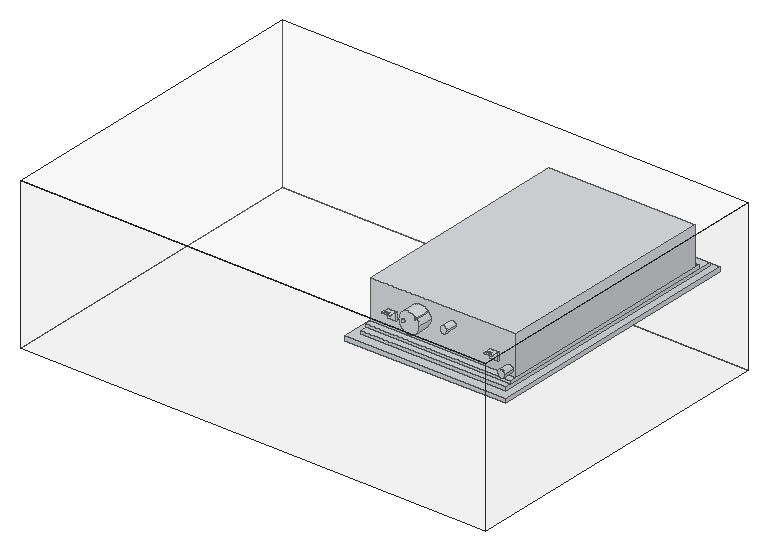
Revit family "pm-rp40_80fa21_50hz", category 機械設備, Revit 2019
Family settings
  丸型コネクタ寸法 = 直径を使用
  パーツ タイプ = 標準
  OmniClass 番号 = 23.75.10.24.21.27.27
  OmniClass タイトル = Split System Air Conditioning Units
  作業面ベース = いいえ
  常に垂直 = はい
  ロード時にボイドで切り取り = いいえ
  共有 = いいえ
  部屋計算ポイント = はい
Parameters (values of type "天井1方向_PM-HRP80FA21")
  風量_静 (㎥/min) = 14
  風量_強 (㎥/min) = 20
  風量_弱 (㎥/min) = 16
  風量_中 (㎥/min) = 18
  風量 = MAX風量  # 1200.0 m³/h
  音響パワーレベル(dB) = [音響パワーレベル_強 (dB)]  # 59
  音響パワーレベル_静 (dB) = 51
  音響パワーレベル_強 (dB) = 59
  音響パワーレベル_弱 (dB) = 53
  音響パワーレベル_中 (dB) = 55
  電源種別 = ""
  電源_H = 0 mm
  電圧 = 0 V
  電動機出力_送風機 = 0.095 kW
  運転質量 = 0.00 kg
  連動 = ""
  質量 = if(製品質量 > 運転質量, 製品質量, 運転質量) * 1.2  # 40.20 kg
  負荷分類 = 3_ファン類
  製品質量_本体 = 27.00 kg
  製品質量_パネル = 6.50 kg
  構成品番 = "PM-HRP80FA21"
  ドレン管径 (外径) = 32 mm
  ドレン管径 = 25 mm
  サービススペース = yes
  【値が 0 の項目は組合せ形名にてご確認ください】 = ""
  URL = "https://www.mitsubishielectric.co.jp/ldg/wink/ssl/top.do"
  説明 = "店舗・事務所用パッケージエアコン(Mr.SLIM) [本体]1方向天井カセット形"
  設計暖房能力 = 0.00 kW
  設計冷房能力_顕熱 = 0 kW
  設計冷房能力 = 0 kW
  設置方法 = "カセット形"
  記号 = ""
  製造元 = "三菱電機株式会社"
  製品質量 = 製品質量_本体 + 製品質量_パネル  # 33.50 kg
  製品出荷対象 = "国内"
  製品リリース年月 = ""
  製品グループ = ""
  系統 = ""
  符号 = "PAC-CK1"
  積算_科目 = "1 空気調和設備"
  積算_拾い区分 [instance] = ""
  相 = 1
  盤記号 = ""
  発停方法 = "付属スイッチ"
  特殊仕様 = ""
  火災停止 = ""
  消費電力_暖房 = 0.10 kW
  消費電力_冷房 = 0.11 kW
  消費電力 = if(消費電力_冷房 > 消費電力_暖房, 消費電力_冷房, 消費電力_暖房)  # 0.11 kW
  法定耐用年数 = "6"
  極数 = 1
  材質 = ""
  本体マテリアル = none
  有効加湿量 = 0
  暖房能力 = 8.00 kW
  推奨ブレーカー容量 = 0 A
  形式_加湿器 = ""
  形式 = "1方向天井カセット形"
  幹線記号 = ""
  始動方式 = "直入"
  呼称 = "パッケージ形空気調和機_室内機"
  周波数 = 50 Hz
  吊り位置Y = 1173 mm
  吊り位置X = 510 mm
  吊りボルト_H = 117 mm
  台数_手元リモコン = ""
  台数_冷媒分岐ユニット = ""
  参照している仕様書等のバージョン = "公共建築工事標準仕様書（機械設備工事編）平成31年度版"
  加湿給水管径 = 0 mm
  分類コード = "5.0053E+13"
  分類グループ = ""
  冷房能力 = 7.1 kW
  冷媒高低圧ガス管径 = 0 mm
  冷媒管径符号 = "Bd"
  冷媒管径 = 100 mm
  冷媒液管高さ = 171 mm
  冷媒液管長さ = 72 mm
  冷媒液管径 = 9.5 mm
  冷媒ガス管高さ = 141 mm
  冷媒ガス管長さ = 72 mm
  冷媒ガス管径 = 15.9 mm
  企業コード = "108420"
  付属品_フィルター = ""
  付属品 = ""
  仕様書バージョン = "Version1.0"
  Model = ""
  パネルマテリアル = none
  ドレン管高さ = 159 mm
  コメント [instance] = ""
  ケーブル種類 = ""
  ケーブルサイズ = 0 mm
  Width = 724 mm
  Version = ""
  Uniclass2015Version = "Systems v1.9"
  Uniclass2015Title = "Split coil remote air cooled condensing units"
  Uniclass2015Code = "Pr_70_65_03_84"
  SpecificationReference = ""
  SpecificationDescription = ""
  S_H = 230 mm
  Revision = ""
  ProductInformation = ""
  Panel Width = 800 mm
  Panel Height = 20 mm
  Panel Depth = 1340 mm
  OmniClassCode = "23-33 17 13 11"
  MIN風量 = [風量_静 (㎥/min)] * 60.0 m³/h  # 840.0 m³/h
  MID風量2 = [風量_弱 (㎥/min)] * 60.0 m³/h  # 960.0 m³/h
  MID風量 = [風量_中 (㎥/min)] * 60.0 m³/h  # 1080.0 m³/h
  MAX風量 = [風量_強 (㎥/min)] * 60.0 m³/h  # 1200.0 m³/h
  IfcTypeProduct = ""
  IfcProduct = ""
  IfcExportType = "AIRCONDITIONINGUNIT"
  IfcExportAs = "IfcUnitaryEquipmentType"
  Height = 225 mm
  Depth = 1112 mm
  価格 = 0
  Clearance Top = 230 mm
  Clearance Right = 20 mm
  Clearance Left = 1500 mm
  Clearance Front = 150 mm
  Clearance Bottom = 500 mm
  Clearance Back = 150 mm
  Author = "三菱電機株式会社"
Types (8, lengths in mm): name | 風量_静 (㎥/min) | 風量_強 (㎥/min) | 風量_弱 (㎥/min) | 風量_中 (㎥/min) | 風量 | 音響パワーレベル(dB) | 音響パワーレベル_静 (dB) | 音響パワーレベル_強 (dB) | 音響パワーレベル_弱 (dB) | 音響パワーレベル_中 (dB) | 電源_H | 電動機出力_送風機 | 質量 | 製品質量_本体 | 構成品番 | 製品質量 | 消費電力_暖房 | 消費電力_冷房 | 消費電力 | 暖房能力 | 冷房能力 | 冷媒管径符号 | 冷媒液管径 | 冷媒ガス管径 | MIN風量 | MID風量2 | MID風量 | MAX風量
  天井1方向_PM-RP40FA21 | 11 | 15 | 12 | 14 | 900.0 m³/h | 55 | 47 | 55 | 50 | 52 | 60 | 0.09 kW | 37.80 kg | 25.00 kg | "PM-RP40FA21" | 31.50 kg | 0.07 kW | 0.08 kW | 0.08 kW | 4.00 kW | 3.6 kW | "Ac" | 6.4 | 12.7 | 660.0 m³/h | 720.0 m³/h | 840.0 m³/h | 900.0 m³/h
  天井1方向_PM-RP45FA21 | 11 | 15 | 12 | 14 | 900.0 m³/h | 55 | 47 | 55 | 50 | 52 | 60 | 0.09 kW | 37.80 kg | 25.00 kg | "PM-RP45FA21" | 31.50 kg | 0.07 kW | 0.08 kW | 0.08 kW | 4.50 kW | 4 kW | "Ac" | 6.4 | 12.7 | 660.0 m³/h | 720.0 m³/h | 840.0 m³/h | 900.0 m³/h
  天井1方向_PM-RP50FA21 | 11 | 15 | 12 | 14 | 900.0 m³/h | 55 | 47 | 55 | 50 | 52 | 60 | 0.09 kW | 37.80 kg | 25.00 kg | "PM-RP50FA21" | 31.50 kg | 0.07 kW | 0.08 kW | 0.08 kW | 5.00 kW | 4.5 kW | "Ac" | 6.4 | 12.7 | 660.0 m³/h | 720.0 m³/h | 840.0 m³/h | 900.0 m³/h
  天井1方向_PM-RP56FA21 | 14 | 17 | 15 | 16 | 1020.0 m³/h | 55 | 50 | 55 | 51 | 53 | 60 | 0.095 kW | 39.00 kg | 26.00 kg | "PM-RP56FA21" | 32.50 kg | 0.07 kW | 0.08 kW | 0.08 kW | 5.60 kW | 5 kW | "Ac" | 6.4 | 12.7 | 840.0 m³/h | 900.0 m³/h | 960.0 m³/h | 1020.0 m³/h
  天井1方向_PM-RP63FA21 | 14 | 19 | 16 | 17 | 1140.0 m³/h | 56 | 50 | 56 | 52 | 54 | 60 | 0.095 kW | 39.00 kg | 26.00 kg | "PM-RP63FA21" | 32.50 kg | 0.08 kW | 0.09 kW | 0.09 kW | 6.30 kW | 5.6 kW | "Ac" | 6.4 | 12.7 | 840.0 m³/h | 960.0 m³/h | 1020.0 m³/h | 1140.0 m³/h
  天井1方向_PM-RP71FA21 | 14 | 20 | 16 | 18 | 1200.0 m³/h | 58 | 51 | 58 | 53 | 55 | 60 | 0.095 kW | 39.00 kg | 26.00 kg | "PM-RP71FA21" | 32.50 kg | 0.09 kW | 0.10 kW | 0.10 kW | 7.10 kW | 6.3 kW | "Bd" | 9.5 | 15.9 | 840.0 m³/h | 960.0 m³/h | 1080.0 m³/h | 1200.0 m³/h
  天井1方向_PM-RP80FA21 | 14 | 20 | 16 | 18 | 1200.0 m³/h | 58 | 51 | 58 | 53 | 55 | 0 | 0.095 kW | 39.00 kg | 26.00 kg | "PM-RP80FA21" | 32.50 kg | 0.09 kW | 0.10 kW | 0.10 kW | 8.00 kW | 7.1 kW | "Bd" | 9.5 | 15.9 | 840.0 m³/h | 960.0 m³/h | 1080.0 m³/h | 1200.0 m³/h
  天井1方向_PM-HRP80FA21 | 14 | 20 | 16 | 18 | 1200.0 m³/h | 59 | 51 | 59 | 53 | 55 | 0 | 0.095 kW | 40.20 kg | 27.00 kg | "PM-HRP80FA21" | 33.50 kg | 0.10 kW | 0.11 kW | 0.11 kW | 8.00 kW | 7.1 kW | "Bd" | 9.5 | 15.9 | 840.0 m³/h | 960.0 m³/h | 1080.0 m³/h | 1200.0 m³/h
Reference planes
  plane 1 "中心(正面/背面)": y = 0
  plane 2: z = 0
  plane 3 "中心(左/右)": x = 0
  plane 4: x = -400
  plane 5: x = 400
  plane 6: y = 670
  plane 7: y = -670
  plane 8: z = 225
  plane 9: z = 230
  plane 10: x = -255
  plane 11: x = 255
  plane 12: y = 586.5
  plane 13: y = -586.5
  plane 14: y = 556
  plane 15: y = -556
  plane 16: x = -362
  plane 17: x = 362
  plane 18: x = -1900
  plane 19: x = 420
  plane 20: y = 820
  plane 21: y = -820
  plane 22: z = 230
  plane 23: z = -20
  plane 24: z = -520
Dimensions and locks
  equal spacing: plane 4, plane 3 "中心(左/右)", plane 5
  plane 4 to plane 5 = 800 mm
  equal spacing: plane 7, plane 1 "中心(正面/背面)", plane 6
  plane 4 to plane 10 = 145 mm
  plane 11 to plane 5 = 145 mm
  "S_H": plane 9 to level
  "吊り位置X": plane 10 to plane 11
  equal spacing: plane 10, plane 3 "中心(左/右)", plane 11
  equal spacing: plane 13, plane 1 "中心(正面/背面)", plane 12
  "吊り位置Y": plane 13 to plane 12
  equal spacing: plane 15, plane 1 "中心(正面/背面)", plane 14
  "Depth": plane 15 to plane 14
  equal spacing: plane 16, plane 3 "中心(左/右)", plane 17
  "Width": plane 16 to plane 17
  "Clearance Left": plane 18 to plane 4
  "Clearance Right": plane 5 to plane 19
  "Clearance Back": plane 6 to plane 20
  "Clearance Front": plane 21 to plane 7
  locked: level to plane 23 at 20
  "Clearance Bottom": plane 23 to plane 24
  "Clearance Top": plane 22 to level
  plane 12 to plane 6 = 83.5 mm
  plane 7 to plane 13 = 83.5 mm
  plane 7 to plane 6 = 1340 mm
  "Height": plane 8 to level
  aligned and locked: level to plane 2
  aligned and locked: plane 10 to nested 2
  aligned and locked: plane 11 to nested 2
  aligned and locked: nested 2 to plane 12
  aligned and locked: plane 13 to nested 2
  aligned and locked: plane 18 to nested 1
  aligned and locked: plane 19 to nested 1
  aligned and locked: nested 1 to plane 21
  aligned and locked: nested 1 to plane 20
  aligned and locked: plane 22 to nested 1
  aligned and locked: plane 24 to nested 1
  aligned and locked: plane 1 "中心(正面/背面)" to nested 3
  aligned and locked: nested 3 to plane 3 "中心(左/右)"
Nested families
  nested 1: "サービススペース" at (-740, 0, -145), visible <- "サービススペース", type "サービススペース", detail levels fine
    with Width 2320 mm, Height 750 mm, Depth 1640 mm
  nested 2: "固定点" at (-255, -586.5, 0), type "固定点"
    with W 510 mm, D 1173 mm
  nested 3: "PM-RP_FA" at (0, 0, 0) x (0, -1, 0) z (0, 0, 1), type "PM-RP_FA"
    with ユニット表示 yes, 液配管サイズ 9.5 mm, 冷媒液管径-Z 171 mm, 冷媒ガス管径-Z 141 mm, ドレン配管サイズ 32 mm, ガス配管サイズ 15.9 mm
Connectors
  piping at (47, -613, 159), diameter 25, driven by "ドレン管径"
    settings: on nested 3, index 1, connector inside diameter 609.6 mm, connector length 0 mm, flow factor 0, pipe flow 0.0 L/s, pressure drop 0.0 Pa, fitting loss kfactor 0, connector angle 0.00°, fixture units 0, engagement length 0 mm, angle of deflection 0.00°, flow configuration 1, flow direction 2, fitting loss method 4, system type 16, joint type 0, gender type 0, connector reference index -1, connector utility 0, adjustable connector no, is connector primary yes, connector description ""
  piping at (-113, -628, 141), diameter 100, driven by "冷媒管径", driven by "冷媒管径符号"
    settings: on nested 3, index 2, connector inside diameter 609.6 mm, connector length 0 mm, flow factor 0, pipe flow 0.0 L/s, pressure drop 0.0 Pa, fitting loss kfactor 0, connector angle 0.00°, fixture units 0, engagement length 0 mm, angle of deflection 0.00°, flow configuration 1, flow direction 1, fitting loss method 4, system type 7, joint type 0, gender type 0, connector reference index -1, connector utility 0, adjustable connector no, is connector primary no, connector description "Bd"
  electrical at (330, -606, 60), driven by "極数", driven by "負荷分類", driven by "電圧", driven by "消費電力"
    settings: on nested 3, index 3, voltage 0 V, apparent load 110 VA, apparent load phase1 0 VA, apparent load phase2 0 VA, apparent load phase3 0 VA, power factor 1, load classification "3_ファン類", number of poles 1, system type 30, power factor state 1, is connector primary yes, connector utility no, sub classification motor no, connector description ""
Definition of nested family "サービススペース"
  Parameters (values of type "サービススペース")
    Width [instance] = 500 mm
    Height [instance] = 500 mm
    Depth [instance] = 500 mm
  Reference planes
    plane 1 "中心(正面/背面)": y = 0
    plane 2: z = 0
    plane 3 "中心(左/右)": x = 0
    plane 4: y = -250
    plane 5: x = 250
    plane 6: y = 250
    plane 7: x = -250
    plane 8: z = 250
    plane 9: z = -250
  Forms (mm)
    Extrusion 1, solid
      sketch origin (-638.939, 0, 72.39) x (1, 0, 0) y (0, 1, 0)
        loop
          line (388.939, 250) -> (388.939, -250) -> (888.939, -250) -> (888.939, 250) -> (388.939, 250)
      from -322.39 to 177.61
  Lines and regions (mm)
    symbolic lines
      curve 1: line (-250, 0, 250) -> (250, 0, 250)
      curve 2: line (-250, 0, -250) -> (-250, 0, 250)
      curve 3: line (250, 0, -250) -> (-250, 0, -250)
      curve 4: line (250, 0, 250) -> (250, 0, -250)
      curve 5: line (0, -250, 250) -> (0, 250, 250)
      curve 6: line (0, -250, -250) -> (0, -250, 250)
      curve 7: line (0, 250, -250) -> (0, -250, -250)
      curve 8: line (0, 250, 250) -> (0, 250, -250)
      curve 9: line (-250, 250, 0) -> (250, 250, 0)
      curve 10: line (-250, -250, 0) -> (-250, 250, 0)
      curve 11: line (250, -250, 0) -> (-250, -250, 0)
      curve 12: line (250, 250, 0) -> (250, -250, 0)
  Dimensions and locks
    equal spacing: plane 7, plane 3 "中心(左/右)", plane 5
    equal spacing: plane 4, plane 1 "中心(正面/背面)", plane 6
    "Depth": plane 4 to plane 6
    "Width": plane 7 to plane 5
    equal spacing: plane 8, plane 2, plane 9
    "Height": plane 8 to plane 9
    aligned and locked: plane 9 to curve 3
    aligned and locked: plane 7 to curve 2
    aligned and locked: curve 4 to plane 5
    aligned and locked: plane 5 to Extrusion 1
    aligned and locked: Extrusion 1 to plane 7
    aligned and locked: Extrusion 1 to plane 9
    aligned and locked: plane 8 to Extrusion 1
    aligned and locked: plane 9 to curve 7
  Automatic sketch dimensions
    plane 4 to Extrusion 1 sketch curve = 0 mm
    Extrusion 1 sketch curve to plane 7 = 0 mm
    Extrusion 1 sketch curve to plane 5 = 0 mm
    plane 6 to Extrusion 1 sketch curve = 0 mm
    curve 2 to plane 8 = 0 mm
    plane 4 to curve 11 = 0 mm
    curve 11 to plane 7 = 0 mm
    curve 11 to plane 5 = 0 mm
    plane 6 to curve 10 = 0 mm
    curve 7 to plane 4 = 0 mm
    curve 7 to plane 6 = 0 mm
    curve 6 to plane 8 = 0 mm
Definition of nested family "PM-RP_FA"
  Parameters (values of type "PM-RP○○FA17")
    配線取出口サイズ = 36 mm
    配線取出口-Z = 60 mm
    配線取出口-Y = 32 mm
    配線取出口-X = 50 mm
    液配管サイズ = 6.4 mm
    冷媒ガス管径-Z2 = 141 mm
    冷媒ガス管径-Z1 = 171 mm
    A = 幅さ + 228 mm  # 1340 mm
    高さ = 225 mm
    奥行き = 724 mm
    吊りボルト_H = 117 mm
    冷媒配管 = 100 mm
    冷媒液管径-Z = 156 mm
    冷媒液管径-Y = 445 mm
    冷媒液管径-X = 72 mm
    冷媒ガス管径-Z = 156 mm
    冷媒ガス管径-Y = 505 mm
    冷媒ガス管径-X = 72 mm
    ユニット表示 [instance] = yes
    ボルトピッチ = 510 mm
    ドレン配管サイズ = 25 mm
    ドレン管径-Z = 159 mm
    ドレン管径-Y = 315 mm
    ドレン管径-X = 57 mm
    ガス配管サイズ = 12.7 mm
    D = 幅さ + 61 mm  # 1173 mm
    幅さ = 1112 mm
    B = 幅さ + 188 mm  # 1300 mm
  Reference planes
    plane 1 "中心(正面/背面)": y = 0
    plane 2: z = 0
    plane 3 "中心(左/右)": x = 0
    plane 4: x = -670
    plane 5: x = 670
    plane 6: y = 400
    plane 7: y = -400
    plane 8: z = 225
    plane 9: z = -20
    plane 10: x = -556
    plane 11: x = 556
    plane 12: y = 362
    plane 13: y = -362
    plane 14: z = 16
    plane 15: x = -650
    plane 16: x = 650
    plane 17: x = 586.5
    plane 18: x = -586.5
    plane 19: z = 32
    plane 20: x = 620
    plane 21: y = 255
    plane 22: y = -255
    plane 23: x = 628
    plane 24: y = -143
    plane 25: z = 156
    plane 26: x = 628
    plane 27: y = -83
    plane 28: x = 613
    plane 29: y = 47
    plane 30: z = 159
    plane 31: x = 606
    plane 32: y = 330
    plane 33: z = 60
    plane 34: z = 117
    plane 35: z = 115
    plane 36: z = 75
    plane 37: y = 275
    plane 38: y = 235
    plane 39: y = -235
    plane 40: y = -275
    plane 41: y = 260
    plane 42: y = 250
    plane 43: y = -250
    plane 44: y = -260
    plane 45: x = -596
    plane 46: x = 596
    plane 47: x = -558
    plane 48: x = 558
    plane 49: z = 141
    plane 50: z = 171
  Forms (mm)
    Extrusion 1, solid, visible <- "ユニット表示", detail levels fine
      sketch origin (0, 0, 0) x (1, 0, 0) y (0, 1, 0)
        loop
          line (-556, 362) -> (-556, -362) -> (556, -362) -> (556, 362) -> (-556, 362)
      from 32 to 225
    Extrusion 2, solid, visible <- "ユニット表示", detail levels fine
      sketch origin (-1437.329, -1524, 16) x (-1, 0, 0) y (0, -1, 0)
        loop
          line (-850.829, -1886) -> (-850.829, -1162) -> (-2023.829, -1162) -> (-2023.829, -1886) -> (-850.829, -1886)
      from 0 to 16
    Extrusion 3, solid, visible <- "ユニット表示", detail levels fine
      sketch origin (-1437.329, -1524, 16) x (-1, 0, 0) y (0, -1, 0)
        loop
          line (-787.329, -1886) -> (-787.329, -1162) -> (-2057.329, -1162) -> (-2057.329, -1886) -> (-787.329, -1886)
      from 0 to -16
    Extrusion 4, solid, visible <- "ユニット表示", detail levels fine
      sketch origin (556, 1296.25, 1200) x (0, 1, 0) y (0, 0, 1)
        loop
          circle (-1439.25, -1059) r 6.35
      from 0 to 72
    Extrusion 5, solid, visible <- "ユニット表示", detail levels fine
      sketch origin (556, 1296.25, 1200) x (0, 1, 0) y (0, 0, 1)
        loop
          circle (-1379.25, -1029) r 3.2
      from 0 to 72
    Extrusion 6, solid, visible <- "ユニット表示", detail levels fine
      sketch origin (556, 1296.25, 1200) x (0, 1, 0) y (0, 0, 1)
        loop
          circle (-1249.25, -1041) r 12.5
      from 0 to 57
    Extrusion 7, solid, visible <- "ユニット表示", detail levels fine
      sketch origin (556, 1296.25, 1200) x (0, 1, 0) y (0, 0, 1)
        loop
          circle (-966.25, -1140) r 18
      from 0 to 50
    Extrusion 8, solid, visible <- "ユニット表示", detail levels fine
      sketch origin (556, 1306.25, 1200) x (0, 1, 0) y (0, 0, 1)
        loop
          circle (-1419.25, -1044) r 50
      from 0 to 72
    Extrusion 9, solid, visible <- "ユニット表示"
      sketch origin (0, 0, 0) x (1, 0, 0) y (0, 1, 0)
        loop
          line (-670, 400) -> (-670, -400) -> (670, -400) -> (670, 400) -> (-670, 400)
      from 0 to -20
    Extrusion 10, solid, visible <- "ユニット表示", detail levels fine
      sketch origin (0, 0, 0) x (1, 0, 0) y (0, 1, 0)
        loop
          line (-581.5, 260) -> (-581.5, 250)
          arc (-581.5, 250) -> (-586.5, 245) -> (-591.5, 250) r 5
          line (-591.5, 250) -> (-596, 250) -> (-596, 235) -> (-556, 235) -> (-556, 275) -> (-596, 275) -> (-596, 260) -> (-591.5, 260)
          arc (-591.5, 260) -> (-586.5, 265) -> (-581.5, 260) r 5
        loop
          arc (581.5, 260) -> (586.5, 265) -> (591.5, 260) r 5
          line (591.5, 260) -> (596, 260) -> (596, 275) -> (556, 275) -> (556, 235) -> (596, 235) -> (596, 250) -> (591.5, 250)
          arc (591.5, 250) -> (586.5, 245) -> (581.5, 250) r 5
          line (581.5, 250) -> (581.5, 260)
        loop
          line (581.5, -260) -> (581.5, -250)
          arc (581.5, -250) -> (586.5, -245) -> (591.5, -250) r 5
          line (591.5, -250) -> (596, -250) -> (596, -235) -> (556, -235) -> (556, -275) -> (596, -275) -> (596, -260) -> (591.5, -260)
          arc (591.5, -260) -> (586.5, -265) -> (581.5, -260) r 5
        loop
          arc (-581.5, -260) -> (-586.5, -265) -> (-591.5, -260) r 5
          line (-591.5, -260) -> (-596, -260) -> (-596, -275) -> (-556, -275) -> (-556, -235) -> (-596, -235) -> (-596, -250) -> (-591.5, -250)
          arc (-591.5, -250) -> (-586.5, -245) -> (-581.5, -250) r 5
          line (-581.5, -250) -> (-581.5, -260)
      from 115 to 117
    Extrusion 11, solid, visible <- "ユニット表示", detail levels fine
      sketch origin (0, 0, 0) x (1, 0, 0) y (0, 1, 0)
        loop
          line (-558, 275) -> (-558, 235) -> (-556, 235) -> (-556, 275) -> (-558, 275)
        loop
          line (556, 275) -> (556, 235) -> (558, 235) -> (558, 275) -> (556, 275)
        loop
          line (556, -235) -> (556, -275) -> (558, -275) -> (558, -235) -> (556, -235)
        loop
          line (-558, -235) -> (-558, -275) -> (-556, -275) -> (-556, -235) -> (-558, -235)
      from 75 to 115
  Dimensions and locks
    equal spacing: plane 7, plane 1 "中心(正面/背面)", plane 6
    plane 7 to plane 6 = 800 mm
    equal spacing: plane 4, plane 3 "中心(左/右)", plane 5
    "A": plane 4 to plane 5
    locked: level to plane 9 at 20
    equal spacing: plane 13, plane 1 "中心(正面/背面)", plane 12
    "奥行き": plane 13 to plane 12
    equal spacing: plane 10, plane 3 "中心(左/右)", plane 11
    "幅さ": plane 10 to plane 11
    locked: plane 14 to level at 16
    equal spacing: plane 15, plane 3 "中心(左/右)", plane 16
    "B": plane 15 to plane 16
    equal spacing: plane 18, plane 3 "中心(左/右)", plane 17
    "D": plane 18 to plane 17
    equal spacing: plane 22, plane 1 "中心(正面/背面)", plane 21
    "ボルトピッチ": plane 22 to plane 21
    "冷媒ガス管径-X": plane 11 to plane 23
    "冷媒ガス管径-Y": plane 24 to plane 12
    "冷媒液管径-X": plane 11 to plane 26
    "冷媒液管径-Y": plane 27 to plane 12
    "ドレン管径-X": plane 11 to plane 28
    "ドレン管径-Y": plane 29 to plane 12
    "配線取出口-X": plane 11 to plane 31
    "配線取出口-Y": plane 32 to plane 12
    "配線取出口-Z": plane 33 to level
    "ドレン管径-Z": plane 30 to level
    "冷媒ガス管径-Z": plane 25 to level
    locked: plane 35 to plane 36 at 40
    locked: plane 34 to plane 35 at 2
    "吊りボルト_H": plane 34 to level
    plane 40 to plane 22 to plane 39 = 20 mm locked, 20 mm locked
    plane 38 to plane 21 to plane 37 = 20 mm locked, 20 mm locked
    plane 44 to plane 22 to plane 43 = 5 mm locked, 5 mm locked
    plane 42 to plane 21 to plane 41 = 5 mm locked, 5 mm locked
    locked: plane 45 to plane 10 at 40
    locked: plane 11 to plane 46 at 40
    locked: plane 11 to plane 48 at 2
    locked: plane 47 to plane 10 at 2
    plane 16 to plane 15 = 1300 mm
    plane 4 to plane 15 = 20 mm
    plane 15 to plane 10 = 94 mm
    plane 11 to plane 16 = 94 mm
    plane 12 to plane 6 = 38 mm
    locked: plane 19 to plane 14 at 16
    "高さ": plane 8 to level
    equal spacing: plane 24, Extrusion 8 sketch curve, plane 27
    plane 7 to plane 13 = 38 mm
    plane 16 to plane 5 = 20 mm
    "冷媒ガス管径-Z2": plane 49 to level
    "冷媒ガス管径-Z1": plane 50 to level
    "ガス配管サイズ": diameter of Extrusion 4 sketch curve
    "液配管サイズ": diameter of Extrusion 5 sketch curve
    "配線取出口サイズ": diameter of Extrusion 7 sketch curve
    "冷媒配管": diameter of Extrusion 8 sketch curve
    "ドレン配管サイズ": diameter of Extrusion 6 sketch curve
    aligned and locked: level to plane 2
    aligned and locked: plane 12 to Extrusion 1 sketch curve
    aligned and locked: plane 10 to Extrusion 1 sketch curve
    aligned and locked: Extrusion 1 sketch curve to plane 13
    aligned and locked: Extrusion 1 sketch curve to plane 11
    aligned and locked: plane 8 to Extrusion 1
    aligned and locked: plane 12 to Extrusion 2 sketch curve
    aligned and locked: plane 18 to Extrusion 2 sketch curve
    aligned and locked: Extrusion 2 sketch curve to plane 13
    aligned and locked: Extrusion 2 sketch curve to plane 17
    aligned and locked: plane 19 to Extrusion 2
    aligned and locked: Extrusion 1 to Extrusion 2
    aligned and locked: plane 12 to Extrusion 3 sketch curve
    aligned and locked: Extrusion 3 sketch curve to plane 13
    aligned and locked: Extrusion 3 sketch curve to plane 20
    aligned and locked: Extrusion 3 to level
    aligned and locked: plane 14 to Extrusion 3
    aligned and locked: plane 24 to Extrusion 4 sketch curve
    aligned and locked: Extrusion 4 to plane 11
    aligned and locked: plane 23 to Extrusion 4
    aligned and locked: plane 27 to Extrusion 5 sketch curve
    aligned and locked: plane 26 to Extrusion 5
    aligned and locked: Extrusion 5 to plane 11
    aligned and locked: plane 30 to Extrusion 6 sketch curve
    aligned and locked: plane 29 to Extrusion 6 sketch curve
    aligned and locked: Extrusion 6 to plane 11
    aligned and locked: plane 28 to Extrusion 6
    aligned and locked: plane 33 to Extrusion 7 sketch curve
    aligned and locked: plane 32 to Extrusion 7 sketch curve
    aligned and locked: Extrusion 7 to plane 11
    aligned and locked: plane 31 to Extrusion 7
    aligned and locked: plane 25 to Extrusion 8 sketch curve
    aligned and locked: Extrusion 8 to plane 11
    aligned and locked: plane 26 to Extrusion 8
    aligned and locked: level to Extrusion 9
    aligned and locked: Extrusion 9 to plane 9
    aligned and locked: Extrusion 10 sketch curve to plane 10
    aligned and locked: plane 34 to Extrusion 10
    aligned and locked: Extrusion 10 to plane 35
    aligned and locked: plane 37 to Extrusion 10 sketch curve
    aligned and locked: plane 45 to Extrusion 10 sketch curve  (x2)
    aligned and locked: Extrusion 10 sketch curve to plane 38
    aligned and locked: Extrusion 10 sketch curve to plane 42
    aligned and locked: Extrusion 10 sketch curve to plane 41
    aligned and locked: plane 41 to Extrusion 10 sketch curve  (x3)
    aligned and locked: plane 42 to Extrusion 10 sketch curve  (x3)
    aligned and locked: plane 18 to Extrusion 10 sketch curve  (x4)
    aligned and locked: plane 10 to Extrusion 10 sketch curve
    aligned and locked: Extrusion 10 sketch curve to plane 39
    aligned and locked: plane 40 to Extrusion 10 sketch curve
    aligned and locked: plane 44 to Extrusion 10 sketch curve  (x3)
    aligned and locked: plane 43 to Extrusion 10 sketch curve  (x3)
    aligned and locked: Extrusion 10 sketch curve to plane 43
    aligned and locked: Extrusion 10 sketch curve to plane 44
    aligned and locked: Extrusion 10 sketch curve to plane 45  (x2)
    aligned and locked: plane 11 to Extrusion 10 sketch curve
    aligned and locked: Extrusion 10 sketch curve to plane 46  (x2)
    aligned and locked: plane 17 to Extrusion 10 sketch curve  (x4)
    aligned and locked: Extrusion 10 sketch curve to plane 40
    aligned and locked: plane 39 to Extrusion 10 sketch curve
    aligned and locked: plane 46 to Extrusion 10 sketch curve  (x2)
    aligned and locked: plane 38 to Extrusion 10 sketch curve
    aligned and locked: Extrusion 10 sketch curve to plane 11
    aligned and locked: Extrusion 10 sketch curve to plane 37
    aligned and locked: plane 37 to Extrusion 11 sketch curve
    aligned and locked: plane 47 to Extrusion 11 sketch curve  (x2)
    aligned and locked: Extrusion 11 sketch curve to Extrusion 10  (x8)
    aligned and locked: Extrusion 11 sketch curve to plane 38
    aligned and locked: Extrusion 11 sketch curve to plane 48  (x2)
    aligned and locked: Extrusion 11 sketch curve to plane 40
    aligned and locked: plane 39 to Extrusion 11 sketch curve
    aligned and locked: Extrusion 11 to Extrusion 10
    aligned and locked: Extrusion 11 to plane 36
    aligned and locked: plane 49 to Extrusion 4 sketch curve
    aligned and locked: plane 50 to Extrusion 5 sketch curve
  Automatic sketch dimensions
    Extrusion 9 sketch curve to plane 4 = 0 mm
    Extrusion 9 sketch curve to plane 5 = 0 mm
    plane 7 to Extrusion 9 sketch curve = 0 mm
    plane 6 to Extrusion 9 sketch curve = 0 mm
    Extrusion 10 sketch curve to plane 18 = 5 mm  (x2)
    Extrusion 10 sketch curve to plane 17 = 5 mm  (x2)
    Extrusion 3 sketch curve to plane 15 = 0 mm
Definition of nested family "固定点"
  Parameters (values of type "固定点")
    中心円 = 20 mm
    W [instance] = 1000 mm
    D [instance] = 1000 mm
  Reference planes
    plane 1 "中心(正面/背面)": y = 0
    plane 2: z = 0
    plane 3 "中心(左/右)": x = 0
    plane 4: x = 1000
    plane 5: y = 1000
  Lines and regions (mm)
    symbolic lines, detail levels fine
      curve 1: circle (0, 1000, 0) r 10 normal (0, 0, 1)
      curve 2: circle (0, 0, 0) r 10 normal (0, 0, 1)
      curve 3: circle (1000, 1000, 0) r 10 normal (0, 0, 1)
      curve 4: circle (1000, 0, 0) r 10 normal (0, 0, 1)
      curve 5: line (-200, 1000, 0) -> (1200, 1000, 0)
      curve 6: line (-200, 0, 0) -> (1200, 0, 0)
      curve 7: line (0, 1200, 0) -> (0, -200, 0)
      curve 8: line (1000, 1200, 0) -> (1000, -200, 0)
  Dimensions and locks
    "W": plane 3 "中心(左/右)" to plane 4
    "D": plane 1 "中心(正面/背面)" to plane 5
    "中心円": diameter of curve 1
    "中心円": diameter of curve 2
    "中心円": diameter of curve 3
    "中心円": diameter of curve 4
    aligned and locked: level to plane 2
    aligned and locked: plane 5 to curve 1
    aligned and locked: plane 3 "中心(左/右)" to curve 1
    aligned and locked: plane 3 "中心(左/右)" to curve 2
    aligned and locked: plane 1 "中心(正面/背面)" to curve 2
    aligned and locked: plane 4 to curve 3
    aligned and locked: plane 5 to curve 3
    aligned and locked: plane 1 "中心(正面/背面)" to curve 4
    aligned and locked: plane 4 to curve 4
    aligned and locked: plane 1 "中心(正面/背面)" to curve 6
    aligned and locked: curve 7 to plane 3 "中心(左/右)"
    aligned and locked: curve 8 to plane 4
  Automatic sketch dimensions
    curve 5 to plane 5 = 0 mm
    curve 6 to plane 3 "中心(左/右)" = 200 mm
    curve 5 to plane 3 "中心(左/右)" = 200 mm
    curve 4 to curve 6 = 200 mm
    curve 3 to curve 5 = 200 mm
    plane 1 "中心(正面/背面)" to curve 8 = 200 mm
    plane 1 "中心(正面/背面)" to curve 7 = 200 mm
    curve 3 to curve 8 = 200 mm
    curve 1 to curve 7 = 200 mm
